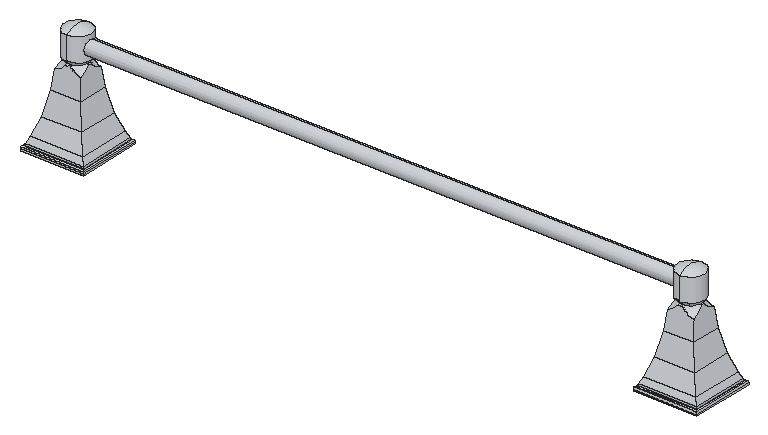
Revit family "Accessory-Towel_Bar-KOHLER-Memoirs-K-485", category Specialty Equipment, host Face, Revit 2015
Parameters (values of type "CP-Polished Chrome")
  Width = 3 1/4"  # constant formula
  URL = "https://www.us.kohler.com/us/"
  Type = 1
  Product Page URL = "http://www.us.kohler.com/us/catalog/productDetails.jsp?productNumber=485"
  Product Name = "Memoirs"  # constant formula
  Product Documentation Link = "http://www.us.kohler.com/onlinecatalog/pdf/K-485_spec.pdf"
  Model = if(Type = 1, "K-485-CP", if(Type = 2, "K-485-BN", if(Type = 3, "K-485-BV", if(Type = 4, "K-485-2BZ", "NA"))))  # "K-485-CP"
  Material = "Solid-brass construction"  # constant formula
  MasterFormat 2004 = "10.28.13"  # constant formula
  MasterFormat 1995 = "10820"  # constant formula
  Manufacturer Address = "444 Highland Dr, Kohler, WI 53044"  # constant formula
  Manufacturer = "KOHLER Co."  # constant formula
  Length = 19 7/8"  # constant formula
  Height = 1 7/8"  # constant formula
  Finish = Kohler-Metal-CP-Polished_Chrome
  Environmental Product Declaration = ""
  Description = "Stately 18 inch Towel Bar"  # constant formula
  Default Elevation = 42"
  Declare Label = ""
  Date Modified = "11/14/2018"  # constant formula
  Date Created = "11/14/2018"  # constant formula
  Copyright = "Copyright KOHLER Co."  # constant formula
  Contact Us = "https://www.us.kohler.com/us/static/contact.jsp"
  Assembly Code = "C1030200"
  ADA Compliant = 1 = 0  # no
Types (5): name | Type | Model | Finish
  (no name) | 1 | "K-485-CP" | Kohler-Metal-CP-Polished_Chrome
  CP-Polished Chrome | 1 | "K-485-CP" | Kohler-Metal-CP-Polished_Chrome
  BN-Vibrant Brushed Nickel | 2 | "K-485-BN" | Kohler-Metal-BN-Vibrant_Brushed_Nickel
  BV-Vibrant Brushed Bronze | 3 | "K-485-BV" | Kohler-Metal-BV-Brushed_Bronze
  2BZ-Oil-Rubbed Bronze | 4 | "K-485-2BZ" | Kohler-Metal-2BZ-Oil_Rubbed_Bronze
Reference planes (in)
  plane 1 "Center (Front/Back)": y = 0
  plane 2: z = 0
  plane 3 "Center (Left/Right)": x = 0
  plane 4: x = -9.9375
  plane 5: x = 9.9375
  plane 6: y = 0.9375
  plane 7: y = -0.9375
  plane 8: z = 3.25
Dimensions and locks (in)
  "Length": plane 4 to plane 5
  "Height": plane 6 to plane 7
  "Width": plane 8 to level
  aligned and locked: host face to plane 2
  aligned and locked: host face to level
Automatic sketch dimensions
  host sketch curve to host sketch curve = 96"  (x2)
Nested families (in)
  nested 1: "K-485" at (0, 0, 0), type "K-485"
Definition of nested family "K-485"
  Parameters (values of type "K-485")
    Material = none
  Reference planes (in)
    plane 1 "Center (Front/Back)": y = 0
    plane 2: z = 0
    plane 3 "Center (Left/Right)": x = 0
    plane 4: z = 3.25
    plane 5: x = -9
    plane 6: x = 9
    plane 7: x = -9.9375
    plane 8: x = 9.9375
    plane 9: x = -8.0625
    plane 10: x = 8.0625
    plane 11: y = 0.9375
    plane 12: y = -0.9375
  Forms (in)
    Sweep 1, solid, material <- "Material", detail levels medium+fine
      path origin (-9, 0, 0) x (1, 0, 0) y (0, 1, 0)
        loop
          line (-0.9375, 0.9375) -> (-0.9375, -0.9375) -> (0.9375, -0.9375) -> (0.9375, 0.9375) -> (-0.9375, 0.9375)
      profile origin (-9, 0.9375, 0) x (0, 1, 0) y (0, 0, 1)
        loop
          line (0, 0) -> (0, 0.0308228)
          arc (0, 0.0308228) -> (-0.0037792, 0.0625511) -> (-0.0149052, 0.0925039) r 0.1350774
          arc (-0.0149052, 0.0925039) -> (-0.0264184, 0.1049033) -> (-0.0427069, 0.1094841) r 0.03125
          line (-0.0427069, 0.1094841) -> (-0.0924999, 0.1094841) -> (-0.0924999, 0.1604858)
          arc (-0.0924999, 0.1604858) -> (-0.1323988, 0.2596282) -> (-0.1720269, 0.3588791) r 39.1568854
          arc (-0.1720269, 0.3588791) -> (-0.2640609, 0.6082146) -> (-0.3435635, 0.861824) r 5.3351777
          arc (-0.3435635, 0.861824) -> (-0.429626, 1.199728) -> (-0.4956288, 1.5421158) r 5.9152255
          arc (-0.4956288, 1.5421158) -> (-0.5464824, 1.9235867) -> (-0.5755753, 2.307331) r 6.7692959
          arc (-0.5755753, 2.307331) -> (-0.5857733, 2.3296774) -> (-0.6085763, 2.3388088) r 0.0330378
          line (-0.6085763, 2.3388088) -> (-0.6470109, 2.3388088) -> (-0.6470109, 0) -> (0, 0)
    Extrusion 2, solid, material <- "Material", detail levels medium+fine
      sketch origin (-9, 0, 0) x (1, 0, 0) y (0, 1, 0)
        loop
          line (-0.2904891, 0.2904891) -> (-0.2904891, -0.2904891) -> (0.2904891, -0.2904891) -> (0.2904891, 0.2904891) -> (-0.2904891, 0.2904891)
      from 0 to 2.3388088
    Revolve 3, solid, material <- "Material", detail levels medium+fine
      sketch origin (-9, 0, 0) x (0, 1, 0) y (0, 0, 1)
        loop
          line (0, 3.25) -> (0, 2.3388088) -> (0.3159476, 2.3388088) -> (0.3999999, 2.4389783) -> (0.3999999, 3.1196521)
          arc (0.3999999, 3.1196521) -> (0.2103512, 3.216591) -> (0, 3.25) r 0.6789156
        axis (0, 2.3388088) -> (0, 3.25)
      angle from 0 to 360
    Extrusion 4, void
      sketch origin (-8.53125, 0.46875, 0) x (-0.707107, 0.707107, 0) y (0, 0, 1)
        loop
          line (-0.2662834, 2.3388088) -> (-0.6544034, 2.3388088) -> (-0.6544034, 2.0159477)
          arc (-0.6544034, 2.0159477) -> (-0.4423434, 2.1557399) -> (-0.2662834, 2.3388088) r 1.1459986
      from -0.9209866 to -0.3059403
    Extrusion 5, void
      sketch origin (-8.53125, 0.46875, 0) x (-0.707107, 0.707107, 0) y (0, 0, 1)
        loop
          arc (0.2681711, 2.3388088) -> (0.412761, 2.1551696) -> (0.6275326, 2.0629592) r 0.4739714
          line (0.6275326, 2.0629592) -> (0.6275326, 2.3388088) -> (0.2681711, 2.3388088)
      from -0.991863 to -0.3245184
    Extrusion 6, void
      sketch origin (-8.53125, -0.46875, 0) x (0.707107, 0.707107, 0) y (0, 0, 1)
        loop
          arc (0.2785653, 2.3388088) -> (0.4199105, 2.1538072) -> (0.634294, 2.0630118) r 0.4547203
          line (0.634294, 2.0630118) -> (0.634294, 2.3388088) -> (0.2785653, 2.3388088)
      from -1.0229913 to 0.1259123
    Extrusion 7, void
      sketch origin (-8.53125, -0.46875, 0) x (-0.707107, -0.707107, 0) y (0, 0, -1)
        loop
          line (0.2785653, -2.3388088) -> (0.634294, -2.3388088) -> (0.634294, -2.0630118)
          arc (0.634294, -2.0630118) -> (0.4199105, -2.1538072) -> (0.2785653, -2.3388088) r 0.4547203
      from -1.0229913 to 0.1259123
    Sweep 8, solid, material <- "Material", detail levels medium+fine
      path origin (9, 0, 0) x (-1, 0, 0) y (0, 1, 0)
        loop
          line (-0.9375, 0.9375) -> (-0.9375, -0.9375) -> (0.9375, -0.9375) -> (0.9375, 0.9375) -> (-0.9375, 0.9375)
      profile origin (9, 0.9375, 0) x (0, -1, 0) y (0, 0, 1)
        loop
          line (0, 0) -> (0.6470109, 0) -> (0.6470109, 2.3388088) -> (0.6085763, 2.3388088)
          arc (0.6085763, 2.3388088) -> (0.5857733, 2.3296774) -> (0.5755753, 2.307331) r 0.0330378
          arc (0.5755753, 2.307331) -> (0.5464824, 1.9235867) -> (0.4956288, 1.5421158) r 6.7692959
          arc (0.4956288, 1.5421158) -> (0.429626, 1.199728) -> (0.3435635, 0.861824) r 5.9152255
          arc (0.3435635, 0.861824) -> (0.2640609, 0.6082146) -> (0.1720269, 0.3588791) r 5.3351777
          arc (0.1720269, 0.3588791) -> (0.1323988, 0.2596282) -> (0.0924999, 0.1604858) r 39.1568854
          line (0.0924999, 0.1604858) -> (0.0924999, 0.1094841) -> (0.0427069, 0.1094841)
          arc (0.0427069, 0.1094841) -> (0.0264184, 0.1049033) -> (0.0149052, 0.0925039) r 0.03125
          arc (0.0149052, 0.0925039) -> (0.0037792, 0.0625511) -> (0, 0.0308228) r 0.1350774
          line (0, 0.0308228) -> (0, 0)
    Extrusion 9, solid, material <- "Material", detail levels medium+fine
      sketch origin (9, 0, 0) x (-1, 0, 0) y (0, -1, 0)
        loop
          line (-0.2904891, -0.2904891) -> (0.2904891, -0.2904891) -> (0.2904891, 0.2904891) -> (-0.2904891, 0.2904891) -> (-0.2904891, -0.2904891)
      from 0 to 2.3388088
    Revolve 10, solid, material <- "Material", detail levels medium+fine
      sketch origin (9, 0, 0) x (0, 1, 0) y (0, 0, -1)
        loop
          arc (0, -3.25) -> (0.2103512, -3.216591) -> (0.3999999, -3.1196521) r 0.6789156
          line (0.3999999, -3.1196521) -> (0.3999999, -2.4389783) -> (0.3159476, -2.3388088) -> (0, -2.3388088) -> (0, -3.25)
        axis (0, -2.3388088) -> (0, -3.25)
      angle from 0 to 360
    Extrusion 11, void
      sketch origin (8.53125, 0.46875, 0) x (0.707107, 0.707107, 0) y (0, 0, -1)
        loop
          arc (-0.2662834, -2.3388088) -> (-0.4423434, -2.1557399) -> (-0.6544034, -2.0159477) r 1.1459986
          line (-0.6544034, -2.0159477) -> (-0.6544034, -2.3388088) -> (-0.2662834, -2.3388088)
      from -0.9209866 to -0.3059403
    Extrusion 12, void
      sketch origin (8.53125, 0.46875, 0) x (0.707107, 0.707107, 0) y (0, 0, -1)
        loop
          line (0.2681711, -2.3388088) -> (0.6275326, -2.3388088) -> (0.6275326, -2.0629592)
          arc (0.6275326, -2.0629592) -> (0.412761, -2.1551696) -> (0.2681711, -2.3388088) r 0.4739714
      from -0.991863 to -0.3245184
    Extrusion 13, void
      sketch origin (8.53125, -0.46875, 0) x (-0.707107, 0.707107, 0) y (0, 0, -1)
        loop
          line (0.2785653, -2.3388088) -> (0.634294, -2.3388088) -> (0.634294, -2.0630118)
          arc (0.634294, -2.0630118) -> (0.4199105, -2.1538072) -> (0.2785653, -2.3388088) r 0.4547203
      from -1.0229913 to 0.1259123
    Extrusion 14, void
      sketch origin (8.53125, -0.46875, 0) x (0.707107, -0.707107, 0) y (0, 0, 1)
        loop
          arc (0.2785653, 2.3388088) -> (0.4199105, 2.1538072) -> (0.634294, 2.0630118) r 0.4547203
          line (0.634294, 2.0630118) -> (0.634294, 2.3388088) -> (0.2785653, 2.3388088)
      from -1.0229913 to 0.1259123
    Revolve 15, solid, material <- "Material", detail levels medium+fine
      sketch origin (0, 0, 0) x (1, 0, 0) y (0, 0, 1)
        loop
          line (-8.7067798, 2.9979998) -> (-8.7067798, 2.779) -> (8.7067798, 2.779) -> (8.7067798, 2.9979998) -> (-8.7067798, 2.9979998)
        axis (8.7067798, 2.779) -> (-8.7067798, 2.779)
      angle from 0 to 360
    Extrusion 16, solid, material <- "Material", detail levels coarse
      sketch origin (0, 0, 0) x (1, 0, 0) y (0, 1, 0)
        loop
          line (9.9375, 0.9375) -> (8.0625, 0.9375) -> (8.0625, -0.9375) -> (9.9375, -0.9375) -> (9.9375, 0.9375)
        loop
          line (-8.0625, 0.9375) -> (-9.9375, 0.9375) -> (-9.9375, -0.9375) -> (-8.0625, -0.9375) -> (-8.0625, 0.9375)
      from 0 to 2.3388088
    Extrusion 17, solid, material <- "Material", detail levels coarse
      sketch origin (0, 0, 0) x (1, 0, 0) y (0, 1, 0)
        loop
          circle (-9, 0) r 0.3999999
        loop
          circle (9, 0) r 0.3999999
      from 2.3388088 to 3.25
    Extrusion 18, solid, material <- "Material", detail levels coarse
      sketch origin (0, 0, 0) x (0, 1, 0) y (0, 0, 1)
        loop
          circle (0, 2.779) r 0.2189998
      from -9 to 9
  Cuts and joins
    Extrusion 4, Extrusion 5, Extrusion 6, Extrusion 7, Extrusion 11, Extrusion 12, Extrusion 13, Extrusion 14 cuts Sweep 1
    Extrusion 4, Extrusion 5, Extrusion 6, Extrusion 7, Extrusion 11, Extrusion 12, Extrusion 13, Extrusion 14 cuts Extrusion 2
    Extrusion 11, Extrusion 12, Extrusion 13, Extrusion 14 cuts Revolve 3
    Extrusion 11, Extrusion 12, Extrusion 13, Extrusion 14 cuts Sweep 8
    Extrusion 11, Extrusion 12, Extrusion 13, Extrusion 14 cuts Extrusion 9
    Extrusion 11 cuts Revolve 10
    joined: Sweep 1, Extrusion 2, Revolve 3, Sweep 8, Extrusion 9, Revolve 10, Revolve 15
    joined: Extrusion 16, Extrusion 17, Extrusion 18
  Lines and regions (in)
    Masking region 1
      outline origin (0, 0, 0) x (1, 0, 0) y (0, 0, 1)
        loop
          line (9.9375, 0) -> (9.9375, 0.0308228)
          arc (9.9375, 0.0308228) -> (9.933569, 0.063173) -> (9.9220047, 0.0936403) r 0.1350774
          spline (9.9220047, 0.0936403) -> (9.9202144, 0.096184) -> (9.9182993, 0.0985366) -> (9.9162695, 0.1006854) -> (9.914136, 0.1026189) -> (9.9119103, 0.1043266) -> (9.9096044, 0.1057994) -> (9.9072305, 0.1070293) -> (9.9048016, 0.1080099) -> (9.9023306, 0.1087357) -> (9.8998309, 0.1092028) -> (9.8973158, 0.1094089) -> (9.8947931, 0.1094841)
          line (9.8947931, 0.1094841) -> (9.8450001, 0.1094841) -> (9.8450001, 0.1604858)
          arc (9.8450001, 0.1604858) -> (9.8051012, 0.2596282) -> (9.7654731, 0.3588791) r 39.1568854
          arc (9.7654731, 0.3588791) -> (9.6734391, 0.6082146) -> (9.5939365, 0.861824) r 5.3351777
          arc (9.5939365, 0.861824) -> (9.507874, 1.199728) -> (9.4418712, 1.5421158) r 5.9152255
          arc (9.4418712, 1.5421158) -> (9.3914272, 1.9196773) -> (9.3623005, 2.2994785) r 6.7692959
          arc (9.3623005, 2.2994785) -> (9.3476568, 2.3291999) -> (9.3159476, 2.3388088) r 0.0416195
          line (9.3159476, 2.3388088) -> (9.3999999, 2.4389783) -> (9.3999999, 3.1196521)
          arc (9.3999999, 3.1196521) -> (9.2103512, 3.216591) -> (9, 3.25) r 0.6789156
          arc (9, 3.25) -> (8.7896488, 3.216591) -> (8.6000001, 3.1196521) r 0.6789156
          line (8.6000001, 3.1196521) -> (8.6000001, 2.9979989) -> (-8.6000001, 2.9979989) -> (-8.6000001, 3.1196521)
          arc (-8.6000001, 3.1196521) -> (-8.7896488, 3.216591) -> (-9, 3.25) r 0.6789156
          arc (-9, 3.25) -> (-9.2103512, 3.216591) -> (-9.3999999, 3.1196521) r 0.6789156
          line (-9.3999999, 3.1196521) -> (-9.3999999, 2.4389783) -> (-9.3159476, 2.3388088)
          arc (-9.3159476, 2.3388088) -> (-9.3476568, 2.3291999) -> (-9.3623005, 2.2994785) r 0.0416195
          arc (-9.3623005, 2.2994785) -> (-9.3914272, 1.9196773) -> (-9.4418712, 1.5421158) r 6.7692959
          arc (-9.4418712, 1.5421158) -> (-9.507874, 1.199728) -> (-9.5939365, 0.861824) r 5.9152255
          arc (-9.5939365, 0.861824) -> (-9.6734391, 0.6082146) -> (-9.7654731, 0.3588791) r 5.3351777
          arc (-9.7654731, 0.3588791) -> (-9.8051012, 0.2596282) -> (-9.8450001, 0.1604858) r 39.1568854
          line (-9.8450001, 0.1604858) -> (-9.8450001, 0.1094841) -> (-9.894799, 0.1093527)
          spline (-9.894799, 0.1093527) -> (-9.8973158, 0.1094089) -> (-9.8998309, 0.1092028) -> (-9.9023306, 0.1087357) -> (-9.9048016, 0.1080099) -> (-9.9072305, 0.1070293) -> (-9.9096044, 0.1057994) -> (-9.9119103, 0.1043266) -> (-9.914136, 0.1026189) -> (-9.9162695, 0.1006854) -> (-9.9182993, 0.0985366) -> (-9.9202144, 0.096184) -> (-9.9220047, 0.0936403)
          arc (-9.9220047, 0.0936403) -> (-9.933569, 0.063173) -> (-9.9375, 0.0308228) r 0.1350774
          line (-9.9375, 0.0308228) -> (-9.9375, 0) -> (-8.0625, 0) -> (-8.0625, 0.0308228)
          arc (-8.0625, 0.0308228) -> (-8.066431, 0.063173) -> (-8.0779953, 0.0936403) r 0.1350774
          spline (-8.0779953, 0.0936403) -> (-8.0797856, 0.096184) -> (-8.0817007, 0.0985366) -> (-8.0837305, 0.1006854) -> (-8.085864, 0.1026189) -> (-8.0880897, 0.1043266) -> (-8.0903956, 0.1057994) -> (-8.0927695, 0.1070293) -> (-8.0951984, 0.1080099) -> (-8.0976694, 0.1087357) -> (-8.1001691, 0.1092028) -> (-8.1026842, 0.1094089) -> (-8.1052069, 0.1094841)
          line (-8.1052069, 0.1094841) -> (-8.1549999, 0.1094841) -> (-8.1549999, 0.1604858)
          arc (-8.1549999, 0.1604858) -> (-8.1948988, 0.2596282) -> (-8.2345269, 0.3588791) r 39.1568854
          arc (-8.2345269, 0.3588791) -> (-8.3265609, 0.6082146) -> (-8.4060635, 0.861824) r 5.3351777
          arc (-8.4060635, 0.861824) -> (-8.492126, 1.199728) -> (-8.5581288, 1.5421158) r 5.9152255
          arc (-8.5581288, 1.5421158) -> (-8.6085728, 1.9196773) -> (-8.6376995, 2.2994785) r 6.7692959
          arc (-8.6376995, 2.2994785) -> (-8.6523432, 2.3291999) -> (-8.6840524, 2.3388088) r 0.0416195
          line (-8.6840524, 2.3388088) -> (-8.6000001, 2.4389783) -> (-8.6000001, 2.56) -> (8.6000001, 2.56) -> (8.6000001, 2.4389783) -> (8.6840524, 2.3388088)
          arc (8.6840524, 2.3388088) -> (8.6523432, 2.3291999) -> (8.6376995, 2.2994785) r 0.0416195
          arc (8.6376995, 2.2994785) -> (8.6085728, 1.9196773) -> (8.5581288, 1.5421158) r 6.7692959
          arc (8.5581288, 1.5421158) -> (8.492126, 1.199728) -> (8.4060635, 0.861824) r 5.9152255
          arc (8.4060635, 0.861824) -> (8.3265609, 0.6082146) -> (8.2345269, 0.3588791) r 5.3351777
          arc (8.2345269, 0.3588791) -> (8.1948988, 0.2596282) -> (8.1549999, 0.1604858) r 39.1568854
          line (8.1549999, 0.1604858) -> (8.1549999, 0.1094841) -> (8.105201, 0.1093527)
          spline (8.105201, 0.1093527) -> (8.1026842, 0.1094089) -> (8.1001691, 0.1092028) -> (8.0976694, 0.1087357) -> (8.0951984, 0.1080099) -> (8.0927695, 0.1070293) -> (8.0903956, 0.1057994) -> (8.0880897, 0.1043266) -> (8.085864, 0.1026189) -> (8.0837305, 0.1006854) -> (8.0817007, 0.0985366) -> (8.0797856, 0.096184) -> (8.0779953, 0.0936403)
          arc (8.0779953, 0.0936403) -> (8.066431, 0.063173) -> (8.0625, 0.0308228) r 0.1350774
          line (8.0625, 0.0308228) -> (8.0625, 0) -> (9.9375, 0)
    Masking region 2
      outline origin (0, 0, 0) x (0, 1, 0) y (0, 0, 1)
        loop
          line (0.9375, 0) -> (0.9375, 0.0308228)
          arc (0.9375, 0.0308228) -> (0.9335731, 0.0631563) -> (0.9220207, 0.0936097) r 0.1350774
          spline (0.9220207, 0.0936097) -> (0.9202228, 0.0961577) -> (0.918301, 0.0985143) -> (0.9162657, 0.1006669) -> (0.9141278, 0.1026038) -> (0.9118988, 0.1043148) -> (0.9095908, 0.1057905) -> (0.9072161, 0.107023) -> (0.9047876, 0.1080056) -> (0.9023184, 0.1087331) -> (0.8998216, 0.1092016) -> (0.8973109, 0.1094085) -> (0.8947931, 0.1094841)
          line (0.8947931, 0.1094841) -> (0.8450001, 0.1094841) -> (0.8450001, 0.1604858)
          arc (0.8450001, 0.1604858) -> (0.8051012, 0.2596282) -> (0.7654731, 0.3588791) r 39.1568854
          arc (0.7654731, 0.3588791) -> (0.6734391, 0.6082146) -> (0.5939365, 0.861824) r 5.3351777
          arc (0.5939365, 0.861824) -> (0.507874, 1.199728) -> (0.4418712, 1.5421158) r 5.9152255
          arc (0.4418712, 1.5421158) -> (0.3913233, 1.9206672) -> (0.3622044, 2.3014669) r 6.7692959
          arc (0.3622044, 2.3014669) -> (0.3474535, 2.3305153) -> (0.3159476, 2.3388088) r 0.0397917
          line (0.3159476, 2.3388088) -> (0.3999999, 2.4389783) -> (0.3999999, 3.1196521)
          arc (0.3999999, 3.1196521) -> (0.2103512, 3.216591) -> (0, 3.25) r 0.6789156
          arc (0, 3.25) -> (-0.2103512, 3.216591) -> (-0.3999999, 3.1196521) r 0.6789156
          line (-0.3999999, 3.1196521) -> (-0.3999999, 2.4389783) -> (-0.3159476, 2.3388088)
          arc (-0.3159476, 2.3388088) -> (-0.3474535, 2.3305153) -> (-0.3622044, 2.3014669) r 0.0397917
          arc (-0.3622044, 2.3014669) -> (-0.3913233, 1.9206672) -> (-0.4418712, 1.5421158) r 6.7692959
          arc (-0.4418712, 1.5421158) -> (-0.507874, 1.199728) -> (-0.5939365, 0.861824) r 5.9152255
          arc (-0.5939365, 0.861824) -> (-0.6734391, 0.6082146) -> (-0.7654731, 0.3588791) r 5.3351777
          arc (-0.7654731, 0.3588791) -> (-0.8051012, 0.2596282) -> (-0.8450001, 0.1604858) r 39.1568854
          line (-0.8450001, 0.1604858) -> (-0.8450001, 0.1094841) -> (-0.8947996, 0.1093527)
          spline (-0.8947996, 0.1093527) -> (-0.8973109, 0.1094085) -> (-0.8998216, 0.1092016) -> (-0.9023184, 0.1087331) -> (-0.9047876, 0.1080056) -> (-0.9072161, 0.107023) -> (-0.9095908, 0.1057905) -> (-0.9118988, 0.1043148) -> (-0.9141278, 0.1026038) -> (-0.9162657, 0.1006669) -> (-0.918301, 0.0985143) -> (-0.9202228, 0.0961577) -> (-0.9220207, 0.0936097)
          arc (-0.9220207, 0.0936097) -> (-0.9335731, 0.0631563) -> (-0.9375, 0.0308228) r 0.1350774
          line (-0.9375, 0.0308228) -> (-0.9375, 0) -> (0.9375, 0)
    Masking region 3
      outline origin (0, 0, 0) x (1, 0, 0) y (0, 1, 0)
        loop
          line (-9.9375, 0.9375) -> (-9.9375, -0.9375) -> (-8.0625, -0.9375) -> (-8.0625, -0.218994) -> (8.0625, -0.218994) -> (8.0625, -0.9375) -> (9.9375, -0.9375) -> (9.9375, 0.9375) -> (8.0625, 0.9375) -> (8.0625, 0.2189998) -> (-8.0625, 0.2189998) -> (-8.0625, 0.9375) -> (-9.9375, 0.9375)
    symbolic lines, detail levels medium+fine
      curve 1: line (9.8450001, 0, 0.1094841) -> (8.1549999, 0, 0.1094841)
      curve 2: line (9.8450001, 0, 0.1604858) -> (8.1549999, 0, 0.1604858)
      curve 3: line (9.3159476, 0, 2.3388088) -> (8.6840524, 0, 2.3388088)
      curve 4: line (9.3999999, 0, 2.4389783) -> (8.6000001, 0, 2.4389783)
      curve 5: line (9.3999999, 0, 3.1196521) -> (8.6000001, 0, 3.1196521)
      curve 6: line (-8.6000001, 0, 3.1196521) -> (-9.3999999, 0, 3.1196521)
      curve 7: line (-8.6000001, 0, 2.4389783) -> (-9.3999999, 0, 2.4389783)
      curve 8: line (-8.6840524, 0, 2.3388088) -> (-9.3159476, 0, 2.3388088)
      curve 9: line (-8.1549999, 0, 0.1604858) -> (-9.8450001, 0, 0.1604858)
      curve 10: line (-9.8450001, 0, 0.1094841) -> (-8.1549999, 0, 0.1094841)
      curve 11: arc (8.6000001, 0, 2.9979998) -> (8.6675752, 0, 2.7789999) -> (8.6000001, 0, 2.56) r 0.3886593
      curve 12: arc (-8.6000001, 0, 2.9979998) -> (-8.665042, 0, 2.7789999) -> (-8.6000001, 0, 2.56) r 0.4012141
      curve 13: arc (-8.8237312, 0, 2.207536) -> (-8.7256328, 0, 2.1424336) -> (-8.6215408, 0, 2.0874205) r 1.1811896
      curve 14: arc (-8.949901, 0, 2.307331) -> (-8.8876504, 0, 2.2563787) -> (-8.8237312, 0, 2.207536) r 2.4058795
      curve 15: arc (-8.9642976, 0, 2.325483) -> (-8.957999, 0, 2.3156934) -> (-8.949901, 0, 2.307331) r 0.058999
      curve 16: arc (-8.9549499, 0, 2.3388088) -> (-8.9636386, 0, 2.3349622) -> (-8.9642976, 0, 2.325483) r 0.0092054
      curve 17: arc (-9.1762688, 0, 2.207536) -> (-9.2743672, 0, 2.1424336) -> (-9.3784592, 0, 2.0874205) r 1.1811896
      curve 18: arc (-9.050099, 0, 2.307331) -> (-9.1123496, 0, 2.2563787) -> (-9.1762688, 0, 2.207536) r 2.4058795
      curve 19: arc (-9.0357024, 0, 2.325483) -> (-9.042001, 0, 2.3156934) -> (-9.050099, 0, 2.307331) r 0.058999
      curve 20: arc (-9.0450501, 0, 2.3388088) -> (-9.0363614, 0, 2.3349622) -> (-9.0357024, 0, 2.325483) r 0.0092054
      curve 21: arc (8.8237312, 0, 2.207536) -> (8.7256328, 0, 2.1424336) -> (8.6215408, 0, 2.0874205) r 1.1811896
      curve 22: arc (8.949901, 0, 2.307331) -> (8.8876504, 0, 2.2563787) -> (8.8237312, 0, 2.207536) r 2.4058795
      curve 23: arc (8.9642976, 0, 2.325483) -> (8.957999, 0, 2.3156934) -> (8.949901, 0, 2.307331) r 0.058999
      curve 24: arc (8.9549499, 0, 2.3388088) -> (8.9636386, 0, 2.3349622) -> (8.9642976, 0, 2.325483) r 0.0092054
      curve 25: arc (9.1762688, 0, 2.207536) -> (9.2743672, 0, 2.1424336) -> (9.3784592, 0, 2.0874205) r 1.1811896
      curve 26: arc (9.050099, 0, 2.307331) -> (9.1123496, 0, 2.2563787) -> (9.1762688, 0, 2.207536) r 2.4058795
      curve 27: arc (9.0357024, 0, 2.325483) -> (9.042001, 0, 2.3156934) -> (9.050099, 0, 2.307331) r 0.058999
      curve 28: arc (9.0450501, 0, 2.3388088) -> (9.0363614, 0, 2.3349622) -> (9.0357024, 0, 2.325483) r 0.0092054
      curve 29: line (9.050099, 0, 2.307331) -> (8.949901, 0, 2.307331)
      curve 30: line (-9.050099, 0, 2.307331) -> (-8.949901, 0, 2.307331)
      curve 31: line (0, 0.8450001, 0.1094841) -> (0, -0.8450001, 0.1094841)
      curve 32: line (0, 0.8450001, 0.1604858) -> (0, -0.8450001, 0.1604858)
      curve 33: line (0, 0.3159476, 2.3388088) -> (0, -0.3159476, 2.3388088)
      curve 34: line (0, 0.3999999, 2.4389783) -> (0, -0.3999999, 2.4389783)
      curve 35: line (0, 0.3999999, 3.1196521) -> (0, -0.3999999, 3.1196521)
      curve 36: arc (0, 0.2625544, 2.134131) -> (0, 0.3202925, 2.1109211) -> (0, 0.3785295, 2.0889928) r 2.8157092
      curve 37: arc (0, 0.1485569, 2.2055196) -> (0, 0.2025823, 2.1650774) -> (0, 0.2625544, 2.134131) r 0.406482
      curve 38: arc (0, 0.0652079, 2.2892424) -> (0, 0.1055856, 2.24609) -> (0, 0.1485569, 2.2055196) r 0.9543026
      curve 39: arc (0, 0.0468935, 2.3232548) -> (0, 0.0541097, 2.3052035) -> (0, 0.0652079, 2.2892424) r 0.0857179
      curve 40: arc (0, 0.0584802, 2.3388088) -> (0, 0.0488969, 2.333855) -> (0, 0.0468935, 2.3232548) r 0.0123129
      curve 41: arc (0, -0.2625544, 2.134131) -> (0, -0.3202925, 2.1109211) -> (0, -0.3785295, 2.0889928) r 2.8157092
      curve 42: arc (0, -0.1485569, 2.2055196) -> (0, -0.2025823, 2.1650774) -> (0, -0.2625544, 2.134131) r 0.406482
      curve 43: arc (0, -0.0652079, 2.2892424) -> (0, -0.1055856, 2.24609) -> (0, -0.1485569, 2.2055196) r 0.9543026
      curve 44: arc (0, -0.0468935, 2.3232548) -> (0, -0.0541097, 2.3052035) -> (0, -0.0652079, 2.2892424) r 0.0857179
      curve 45: arc (0, -0.0584802, 2.3388088) -> (0, -0.0488969, 2.333855) -> (0, -0.0468935, 2.3232548) r 0.0123129
      curve 46: line (0, 0.0541097, 2.3052035) -> (0, -0.0541097, 2.3052035)
      curve 47: line (-9.8450001, 0.8450001, 0) -> (-8.1549999, 0.8450001, 0)
      curve 48: line (-8.1549999, 0.8450001, 0) -> (-8.1549999, 0.2189998, 0)
      curve 49: line (-8.1549999, -0.8450001, 0) -> (-9.8450001, -0.8450001, 0)
      curve 50: line (-9.8450001, -0.8450001, 0) -> (-9.8450001, 0.8450001, 0)
      curve 51: line (-9.3758118, 0.3758118, 0) -> (-9.9375, 0.9375, 0)
      curve 52: line (-8.6241882, 0.3758118, 0) -> (-8.0625, 0.9375, 0)
      curve 53: line (-8.6241882, -0.3758118, 0) -> (-8.0625, -0.9375, 0)
      curve 54: line (-9.3759652, -0.3760741, 0) -> (-9.9373912, -0.9375, 0)
      curve 55: line (8.1549999, -0.8450001, 0) -> (8.1549999, 0.8450001, 0)
      curve 56: line (8.1549999, 0.8450001, 0) -> (9.8450001, 0.8450001, 0)
      curve 57: line (9.8450001, 0.8450001, 0) -> (9.8450001, -0.8450001, 0)
      curve 58: line (9.8450001, -0.8450001, 0) -> (8.1549999, -0.8450001, 0)
      curve 59: line (8.0625, -0.9375, 0) -> (8.6239032, -0.3760968, 0)
      curve 60: line (9.9375, -0.9375, 0) -> (9.3760843, -0.3760843, 0)
      curve 61: line (9.9375, 0.9375, 0) -> (9.3758118, 0.3758118, 0)
      curve 62: line (8.0625, 0.9375, 0) -> (8.6241882, 0.3758118, 0)
      curve 63: arc (-9.3758118, 0.3758118, 0) -> (-9.2690024, 0.3697416, 0) -> (-9.1620976, 0.3656833, 0) r 5.6823853
      curve 64: arc (-9.3758118, 0.3758118, 0) -> (-9.3685206, 0.2713439, 0) -> (-9.3635909, 0.1667379, 0) r 4.6361377
      curve 65: arc (-8.6241882, 0.3758118, 0) -> (-8.6294863, 0.2974426, 0) -> (-8.6335504, 0.2189998, 0) r 4.9908899
      curve 66: arc (-9.3759652, -0.3760741, 0) -> (-9.2718764, -0.3683906, 0) -> (-9.1676346, -0.3631784, 0) r 4.3995125
      curve 67: circle (-9, 0, 0) r 0.3999999 normal (0, 0, 1)
      curve 68: arc (-8.8379024, 0.3656833, 0) -> (-8.7309976, 0.3697416, 0) -> (-8.6241882, 0.3758118, 0) r 5.6823853
      curve 69: arc (-9.3636451, -0.1666198, 0) -> (-9.3686201, -0.2714166, 0) -> (-9.3759652, -0.3760741, 0) r 4.6361377
      curve 70: arc (-8.8323756, -0.3631831, 0) -> (-8.7281956, -0.3683944, 0) -> (-8.6241684, -0.3760741, 0) r 4.3995125
      curve 71: arc (-8.6335506, -0.218994, 0) -> (-8.6294865, -0.2974397, 0) -> (-8.6241882, -0.3758118, 0) r 4.9908899
      curve 72: line (-8.1549999, -0.218994, 0) -> (-8.1549999, -0.8450001, 0)
      curve 73: line (-8.0625, 0.2189998, 0) -> (-8.6652777, 0.2189998, 0)
      curve 74: line (-8.0625, -0.218994, 0) -> (-8.665274, -0.218994, 0)
      curve 75: arc (9.3758118, 0.3758118, 0) -> (9.2690024, 0.3697416, 0) -> (9.1620976, 0.3656833, 0) r 5.6823853
      curve 76: arc (9.3758118, 0.3758118, 0) -> (9.3685206, 0.2713439, 0) -> (9.3635909, 0.1667379, 0) r 4.6361377
      curve 77: arc (8.6241882, 0.3758118, 0) -> (8.6294863, 0.2974426, 0) -> (8.6335504, 0.2189998, 0) r 4.9908899
      curve 78: arc (9.3760843, -0.3760843, 0) -> (9.271936, -0.3683942, 0) -> (9.1676346, -0.3631784, 0) r 4.3995125
      curve 79: circle (9, 0, 0) r 0.3999999 normal (0, 0, -1)
      curve 80: arc (8.8379024, 0.3656833, 0) -> (8.7309976, 0.3697416, 0) -> (8.6241882, 0.3758118, 0) r 5.6823853
      curve 81: arc (9.3636451, -0.1666198, 0) -> (9.3686201, -0.2714166, 0) -> (9.3759652, -0.3760741, 0) r 4.6361377
      curve 82: arc (8.8323756, -0.3631831, 0) -> (8.7280628, -0.3684026, 0) -> (8.6239032, -0.3760968, 0) r 4.3995125
      curve 83: arc (8.6335506, -0.218994, 0) -> (8.6294865, -0.2974397, 0) -> (8.6241882, -0.3758118, 0) r 4.9908899
      curve 84: line (8.0625, 0.2189998, 0) -> (8.6652777, 0.2189998, 0)
      curve 85: line (8.0625, -0.218994, 0) -> (8.665274, -0.218994, 0)
  Dimensions and locks (in)
    locked: plane 4 to level at 3.25
    locked: plane 5 to plane 6 at 18
    plane 7 to plane 8 = 19 7/8"
    locked: plane 9 to plane 7 at 1.875
    locked: plane 10 to plane 8 at 1.875
    locked: plane 11 to plane 12 at 1.875
    aligned and locked: plane 2 to level
